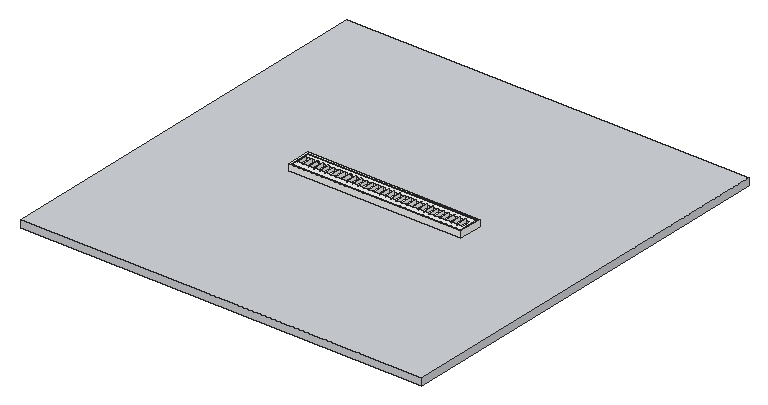
Revit family "Thorn PUNCH 3", category Lighting Fixtures, host Face, Revit 2016
Family settings
  Host = Face
  Part Type = Normal
  Round Connector Dimension = Use Diameter
  OmniClass Number = 23.80.70.11
  OmniClass Title = Luminaries for Internal Lighting
  Cut with Voids When Loaded = No
  Light Source = Yes
  Shared = No
  Room Calculation Point = No
Parameters (values of type "PUNCH 3 4000 L1200")
  Width = 162 mm  # constant formula
  Wattage Comments = ""
  Wattage = 26.9284 W
  built-in parameter 1150110 = 1 (stored number, unit not read)
  Voltage = 230 V
  URL = "http://www.thornlighting.com/96630507"
  Type Comments = "© Thorn. We reserve the right to make technical changes without prior notice."  # constant formula
  built-in parameter 1114217 = 1 (stored number, unit not read)
  Tilt Angle = -90.00°
  built-in parameter 1150109 = 1 (stored number, unit not read)
  built-in parameter 1150134 = 12
  Suspension Value [instance] = if(Surface Mount Viz, 44 mm, if(Suspension Height = 200 mm, 200 mm, if(Suspension Height < 200 mm, 200 mm, Suspension Height - 44 mm)))  # 44 mm
  Suspension Height [instance] = 500 mm
  Suspension [instance] = ZG_Metal_Light_Grey
  Surface Mount Viz [instance] = Surface Mount  # yes
  Surface Mount = yes
  built-in parameter 1150113 = 1 (stored number, unit not read)
  Show Suspension [instance] = not(Surface Mount)  # no
  Photometric Web File = "96630507_(STD).IES"
  Model = "96630507"
  Manufacturer = "Thorn Lighting"  # constant formula
  built-in parameter 1150105 = 2455.3 (stored number, unit not read)
  Lumens = 4000 lm
  built-in parameter 1150115 = 1 (stored number, unit not read)
  built-in parameter 1150137 = (empty or 0)
  built-in parameter 1150139 = (empty or 0)
  Length 1500 = no
  Length 1200 = yes
  Length = 1210 mm
  built-in parameter 1150112 = 1 (stored number, unit not read)
  built-in parameter 1150114 = 1 (stored number, unit not read)
  Lamp = "LED"  # constant formula
  built-in parameter 1150132 = 2
  built-in parameter 1150102 = (empty or 0)
  built-in parameter 1150107 = 4000 (stored number, unit not read)
  built-in parameter 1150138 = (empty or 0)
  built-in parameter 1150106 = 24.553 (stored number, unit not read)
  Height = 44 mm
  Emit from Rectangle Width = Length - 50 mm  # 1160 mm
  Emit from Rectangle Length = 75 mm  # constant formula
  Emit Shape Visible in Rendering = no
  built-in parameter 1150104 = 13.8 (stored number, unit not read)
  Dimming Lamp Color Temperature Shift = <None>
  Description = "Surface mount or pendant LED luminaire"
  Default Elevation = 0 mm
  Cover = ZG_PMMA_Opaque
  Color Filter = 16777215
  Body = ZG_Metal_White
  built-in parameter 1114218 = 1 (stored number, unit not read)
  built-in parameter 1150133 = 10 (stored number, unit not read)
  Assembly Code = "D5020200"
  Apparent Load = 35 VA
Types (6, lengths in mm): name | Wattage | URL | Suspension Value | Suspension Height | Surface Mount Viz | Surface Mount | Show Suspension | Photometric Web File | Model | built-in parameter 1150105 | Lumens | Length 1500 | Length 1200 | Length | built-in parameter 1150106 | Height | Emit from Rectangle Width | Apparent Load
  PUNCH 3 4000 L1200 | 26.9284 W | "http://www.thornlighting.com/96630507" | 44 | 500 | yes | yes | no | "96630507_(STD).IES" | "96630507" | 2455.3 (stored number, unit not read) | 4000 lm | no | yes | 1210 | 24.553 (stored number, unit not read) | 44 | 1160 | 35 VA
  PUNCH 3 6000 L1500 | 40.3926 W | "http://www.thornlighting.com/96667223" | 44 | 700 | yes | yes | no | "96667223_(STD).IES" | "96667223" | 477.46 (stored number, unit not read) | 6000 lm | yes | no | 1490 | 4.7746 (stored number, unit not read) | 44 | 1440 | 52 VA
  PUNCH 3 ASYM 2200 L1200 | 14.4673 W | "http://www.thornlighting.com/96630503" | 456 | 500 | no | no | yes | "96630503_(STD).IES" | "96630503" | 1319.1 (stored number, unit not read) | 2149 lm | no | yes | 1180 | 13.191 (stored number, unit not read) | 50 | 1130 | 16 VA
  PUNCH 3 D 4000 L1200 | 26.9284 W | "http://www.thornlighting.com/96667211" | 456 | 500 | no | no | yes | "96667211_(STD).IES" | "96667211" | 318.31 (stored number, unit not read) | 4000 lm | no | yes | 1202 | 3.1831 (stored number, unit not read) | 50 | 1152 | 35 VA
  PUNCH 3 DI 5500 L1200 | 36.9189 W | "http://www.thornlighting.com/96630505" | 456 | 500 | no | no | yes | "96630505_(STD).IES" | "96630505" | 3366.2 (stored number, unit not read) | 5484 lm | no | yes | 1202 | 33.662 (stored number, unit not read) | 50 | 1152 | 46 VA
  PUNCH 3 DI 6600 L1500 | 44.2972 W | "http://www.thornlighting.com/96667218" | 456 | 500 | no | no | yes | "96667218_(STD).IES" | "96667218" | 2765.9 (stored number, unit not read) | 6580 lm | yes | no | 1482 | 27.659 (stored number, unit not read) | 50 | 1432 | 52 VA
Reference planes
  plane 1 "Center (Front/Back)": y = 0
  plane 2 "Top": z = 0
  plane 3 "Center (Left/Right)": x = 399.5
  plane 4 "Left": x = -205.5
  plane 5 "Right": x = 1004.5
  plane 6 "Bottom": z = 44
  plane 7 "Suspension Left": x = -5.5
  plane 8 "Suspension Right": x = 804.5
  plane 9: y = 81
  plane 10: y = -81
  plane 11 "Top Body": z = 0
Forms (mm)
  Extrusion 1, solid
    sketch origin (0, 0, 0) x (1, 0, 0) y (0, 1, 0)
      loop
        line (-1010.5, 1431.145) -> (-1010.5, -1431.145) -> (1809.5, -1431.145) -> (1809.5, 1431.145) -> (-1010.5, 1431.145)
    from 0 to -52.502
  Extrusion 2, solid, material "ZG_Metal_Light_Grey" <- "Suspension", visible <- "Show Suspension", detail levels medium+fine
    sketch origin (1409.34, -475.958, 0) x (0, -1, 0) y (1, 0, 0)
      loop
        circle (-475.958, -1414.84) r 25
      loop
        circle (-475.958, -1414.84) r 1.5
    from 0 to 15
  Extrusion 3, solid, material "ZG_Metal_Light_Grey" <- "Suspension", visible <- "Show Suspension", detail levels medium+fine
    sketch origin (1409.34, -415.958, 0) x (0, -1, 0) y (1, 0, 0)
      loop
        circle (-415.958, -604.84) r 13
      loop
        circle (-415.958, -604.84) r 1.5
    from 0 to 13
  Extrusion 4, solid, material "ZG_Metal_White" <- "Body"
    sketch origin (0, 0, 44) x (-1, 0, 0) y (0, -1, 0)
      loop
        line (205.5, -81) -> (205.5, 81) -> (-1004.5, 81) -> (-1004.5, -81) -> (205.5, -81)
      loop
        line (193, -68.5) -> (193, 68.5) -> (-992, 68.5) -> (-992, -68.5) -> (193, -68.5)
    from 0 to -44
  Extrusion 5, solid, material "ZG_Metal_White" <- "Body"
    sketch origin (0, 0, 44) x (-1, 0, 0) y (0, -1, 0)
      loop
        line (193, -68.5) -> (193, 68.5) -> (-992, 68.5) -> (-992, -68.5) -> (193, -68.5)
      loop
        line (180.5, -37.5) -> (180.5, 37.5) -> (-979.5, 37.5) -> (-979.5, -37.5) -> (180.5, -37.5)
    from 0 to -44
  Extrusion 6, solid, material "ZG_Metal_White" <- "Body"
    sketch origin (0, 0, 44) x (-1, 0, 0) y (0, -1, 0)
      loop
        line (180.5, -37.5) -> (180.5, 37.5) -> (-979.5, 37.5) -> (-979.5, -37.5) -> (180.5, -37.5)
    from -44 to -22
  Extrusion 7, solid, material "ZG_Metal_White" <- "Body", visible <- "Show Suspension"
    sketch origin (0, 0, 0) x (-1, 0, 0) y (0, -1, 0)
      loop
        line (178, -53.5) -> (178, 53.5) -> (-977, 53.5) -> (-977, -53.5) -> (178, -53.5)
    from 0 to -6
  Sweep 8, solid, material "ZG_PMMA_Opaque" <- "Cover", visible <- "Length 1500"
    path origin (0, 0, 0) x (-1, 0, 0) y (0, -1, 0)
      loop
        line (-399.5, 37.5) -> (-399.5, -37.5)
    profile "Cover 1510 : Cover 1510" origin (399.5, 0, 0) x (-1, 0, 0) y (0, 0, 1)
      loop
        line (39.842, 22) -> (39.842, 44) -> (36.842, 44) -> (36.842, 22) -> (39.842, 22)
      loop
        line (78.184, 22) -> (78.184, 44) -> (75.184, 44) -> (75.184, 22) -> (78.184, 22)
      loop
        line (116.526, 22) -> (116.526, 44) -> (113.526, 44) -> (113.526, 22) -> (116.526, 22)
      loop
        line (154.868, 22) -> (154.868, 44) -> (151.868, 44) -> (151.868, 22) -> (154.868, 22)
      loop
        line (193.211, 22) -> (193.211, 44) -> (190.211, 44) -> (190.211, 22) -> (193.211, 22)
      loop
        line (231.553, 22) -> (231.553, 44) -> (228.553, 44) -> (228.553, 22) -> (231.553, 22)
      loop
        line (269.895, 22) -> (269.895, 44) -> (266.895, 44) -> (266.895, 22) -> (269.895, 22)
      loop
        line (308.237, 22) -> (308.237, 44) -> (305.237, 44) -> (305.237, 22) -> (308.237, 22)
      loop
        line (346.579, 22) -> (346.579, 44) -> (343.579, 44) -> (343.579, 22) -> (346.579, 22)
      loop
        line (384.921, 22) -> (384.921, 44) -> (381.921, 44) -> (381.921, 22) -> (384.921, 22)
      loop
        line (423.263, 22) -> (423.263, 44) -> (420.263, 44) -> (420.263, 22) -> (423.263, 22)
      loop
        line (461.605, 22) -> (461.605, 44) -> (458.605, 44) -> (458.605, 22) -> (461.605, 22)
      loop
        line (499.947, 22) -> (499.947, 44) -> (496.947, 44) -> (496.947, 22) -> (499.947, 22)
      loop
        line (538.289, 22) -> (538.289, 44) -> (535.289, 44) -> (535.289, 22) -> (538.289, 22)
      loop
        line (576.632, 22) -> (576.632, 44) -> (573.632, 44) -> (573.632, 22) -> (576.632, 22)
      loop
        line (614.974, 22) -> (614.974, 44) -> (611.974, 44) -> (611.974, 22) -> (614.974, 22)
      loop
        line (653.316, 22) -> (653.316, 44) -> (650.316, 44) -> (650.316, 22) -> (653.316, 22)
      loop
        line (691.658, 22) -> (691.658, 44) -> (688.658, 44) -> (688.658, 22) -> (691.658, 22)
      loop
        line (-39.842, 22) -> (-36.842, 22) -> (-36.842, 44) -> (-39.842, 44) -> (-39.842, 22)
      loop
        line (-78.184, 22) -> (-75.184, 22) -> (-75.184, 44) -> (-78.184, 44) -> (-78.184, 22)
      loop
        line (-116.526, 22) -> (-113.526, 22) -> (-113.526, 44) -> (-116.526, 44) -> (-116.526, 22)
      loop
        line (-154.868, 22) -> (-151.868, 22) -> (-151.868, 44) -> (-154.868, 44) -> (-154.868, 22)
      loop
        line (-193.211, 22) -> (-190.211, 22) -> (-190.211, 44) -> (-193.211, 44) -> (-193.211, 22)
      loop
        line (-231.553, 22) -> (-228.553, 22) -> (-228.553, 44) -> (-231.553, 44) -> (-231.553, 22)
      loop
        line (-269.895, 22) -> (-266.895, 22) -> (-266.895, 44) -> (-269.895, 44) -> (-269.895, 22)
      loop
        line (-308.237, 22) -> (-305.237, 22) -> (-305.237, 44) -> (-308.237, 44) -> (-308.237, 22)
      loop
        line (-346.579, 22) -> (-343.579, 22) -> (-343.579, 44) -> (-346.579, 44) -> (-346.579, 22)
      loop
        line (-384.921, 22) -> (-381.921, 22) -> (-381.921, 44) -> (-384.921, 44) -> (-384.921, 22)
      loop
        line (-423.263, 22) -> (-420.263, 22) -> (-420.263, 44) -> (-423.263, 44) -> (-423.263, 22)
      loop
        line (-461.605, 22) -> (-458.605, 22) -> (-458.605, 44) -> (-461.605, 44) -> (-461.605, 22)
      loop
        line (-499.947, 22) -> (-496.947, 22) -> (-496.947, 44) -> (-499.947, 44) -> (-499.947, 22)
      loop
        line (-538.289, 22) -> (-535.289, 22) -> (-535.289, 44) -> (-538.289, 44) -> (-538.289, 22)
      loop
        line (-576.632, 22) -> (-573.632, 22) -> (-573.632, 44) -> (-576.632, 44) -> (-576.632, 22)
      loop
        line (-614.974, 22) -> (-611.974, 22) -> (-611.974, 44) -> (-614.974, 44) -> (-614.974, 22)
      loop
        line (-653.316, 22) -> (-650.316, 22) -> (-650.316, 44) -> (-653.316, 44) -> (-653.316, 22)
      loop
        line (-691.658, 22) -> (-688.658, 22) -> (-688.658, 44) -> (-691.658, 44) -> (-691.658, 22)
      loop
        line (-1.5, 22) -> (1.5, 22) -> (1.5, 44) -> (-1.5, 44) -> (-1.5, 22)
  Sweep 9, solid, material "ZG_PMMA_Opaque" <- "Cover", visible <- "Length 1200"
    path origin (0, 0, 0) x (-1, 0, 0) y (0, -1, 0)
      loop
        line (-399.5, 37.5) -> (-399.5, -37.5)
    profile "Cover 1210 : Cover 1210" origin (399.5, 0, 0) x (-1, 0, 0) y (0, 0, 1)
      loop
        line (40.067, 22) -> (40.067, 44) -> (37.067, 44) -> (37.067, 22) -> (40.067, 22)
      loop
        line (78.633, 22) -> (78.633, 44) -> (75.633, 44) -> (75.633, 22) -> (78.633, 22)
      loop
        line (117.2, 22) -> (117.2, 44) -> (114.2, 44) -> (114.2, 22) -> (117.2, 22)
      loop
        line (155.767, 22) -> (155.767, 44) -> (152.767, 44) -> (152.767, 22) -> (155.767, 22)
      loop
        line (194.333, 22) -> (194.333, 44) -> (191.333, 44) -> (191.333, 22) -> (194.333, 22)
      loop
        line (232.9, 22) -> (232.9, 44) -> (229.9, 44) -> (229.9, 22) -> (232.9, 22)
      loop
        line (271.467, 22) -> (271.467, 44) -> (268.467, 44) -> (268.467, 22) -> (271.467, 22)
      loop
        line (310.033, 22) -> (310.033, 44) -> (307.033, 44) -> (307.033, 22) -> (310.033, 22)
      loop
        line (348.6, 22) -> (348.6, 44) -> (345.6, 44) -> (345.6, 22) -> (348.6, 22)
      loop
        line (387.167, 22) -> (387.167, 44) -> (384.167, 44) -> (384.167, 22) -> (387.167, 22)
      loop
        line (425.733, 22) -> (425.733, 44) -> (422.733, 44) -> (422.733, 22) -> (425.733, 22)
      loop
        line (464.3, 22) -> (464.3, 44) -> (461.3, 44) -> (461.3, 22) -> (464.3, 22)
      loop
        line (502.867, 22) -> (502.867, 44) -> (499.867, 44) -> (499.867, 22) -> (502.867, 22)
      loop
        line (541.433, 22) -> (541.433, 44) -> (538.433, 44) -> (538.433, 22) -> (541.433, 22)
      loop
        line (-40.067, 22) -> (-37.067, 22) -> (-37.067, 44) -> (-40.067, 44) -> (-40.067, 22)
      loop
        line (-78.633, 22) -> (-75.633, 22) -> (-75.633, 44) -> (-78.633, 44) -> (-78.633, 22)
      loop
        line (-117.2, 22) -> (-114.2, 22) -> (-114.2, 44) -> (-117.2, 44) -> (-117.2, 22)
      loop
        line (-155.767, 22) -> (-152.767, 22) -> (-152.767, 44) -> (-155.767, 44) -> (-155.767, 22)
      loop
        line (-194.333, 22) -> (-191.333, 22) -> (-191.333, 44) -> (-194.333, 44) -> (-194.333, 22)
      loop
        line (-232.9, 22) -> (-229.9, 22) -> (-229.9, 44) -> (-232.9, 44) -> (-232.9, 22)
      loop
        line (-271.467, 22) -> (-268.467, 22) -> (-268.467, 44) -> (-271.467, 44) -> (-271.467, 22)
      loop
        line (-310.033, 22) -> (-307.033, 22) -> (-307.033, 44) -> (-310.033, 44) -> (-310.033, 22)
      loop
        line (-348.6, 22) -> (-345.6, 22) -> (-345.6, 44) -> (-348.6, 44) -> (-348.6, 22)
      loop
        line (-387.167, 22) -> (-384.167, 22) -> (-384.167, 44) -> (-387.167, 44) -> (-387.167, 22)
      loop
        line (-425.733, 22) -> (-422.733, 22) -> (-422.733, 44) -> (-425.733, 44) -> (-425.733, 22)
      loop
        line (-464.3, 22) -> (-461.3, 22) -> (-461.3, 44) -> (-464.3, 44) -> (-464.3, 22)
      loop
        line (-502.867, 22) -> (-499.867, 22) -> (-499.867, 44) -> (-502.867, 44) -> (-502.867, 22)
      loop
        line (-541.433, 22) -> (-538.433, 22) -> (-538.433, 44) -> (-541.433, 44) -> (-541.433, 22)
      loop
        line (-1.5, 22) -> (1.5, 22) -> (1.5, 44) -> (-1.5, 44) -> (-1.5, 22)
Cuts and joins
  joined: Extrusion 5, Extrusion 6
Dimensions and locks
  "Length": plane 4 "Left" to plane 5 "Right"
  equal spacing: plane 4 "Left", plane 3 "Center (Left/Right)", plane 5 "Right"
  "Suspension Value": plane 6 "Bottom" to plane 2 "Top"
  equal spacing: plane 10, plane 1 "Center (Front/Back)", plane 9
  locked: plane 6 "Bottom" to plane 11 "Top Body" at 44
  locked: plane 7 "Suspension Left" to plane 4 "Left" at 200
  locked: plane 8 "Suspension Right" to plane 5 "Right" at 200
  aligned and locked: Extrusion 1 to plane 2 "Top"
  aligned and locked: plane 6 "Bottom" to imposter light
  aligned and locked: plane 1 "Center (Front/Back)" to nested 1
  aligned and locked: nested 1 to plane 7 "Suspension Left"
  aligned and locked: nested 2 to plane 8 "Suspension Right"
  aligned and locked: imposter light to plane 1 "Center (Front/Back)"
  aligned and locked: plane 3 "Center (Left/Right)" to imposter light
  aligned and locked: plane 4 "Left" to Extrusion 4 sketch curve
  aligned and locked: plane 5 "Right" to Extrusion 4 sketch curve
  aligned and locked: Extrusion 4 to nested 1
  aligned and locked: Extrusion 5 to plane 11 "Top Body"
Automatic sketch dimensions
  Extrusion 1 sketch curve to Extrusion 1 sketch curve = 2820 mm
  Extrusion 1 sketch curve to Extrusion 1 sketch curve = 2862.29 mm
  Extrusion 2 sketch curve to Extrusion 2 sketch curve = 0 mm  (x2)
  plane 1 "Center (Front/Back)" to Extrusion 2 sketch curve = 0 mm
  Extrusion 2 sketch curve to plane 7 "Suspension Left" = 0 mm
  Extrusion 3 sketch curve to Extrusion 3 sketch curve = 0 mm  (x2)
  plane 1 "Center (Front/Back)" to Extrusion 3 sketch curve = 0 mm
  Extrusion 3 sketch curve to plane 8 "Suspension Right" = 0 mm
  Extrusion 4 sketch curve to plane 9 = 0 mm
  plane 10 to Extrusion 4 sketch curve = 0 mm
  plane 5 "Right" to Extrusion 4 sketch curve = 12.5 mm
  plane 4 "Left" to Extrusion 4 sketch curve = 12.5 mm
  Extrusion 4 sketch curve to plane 9 = 12.5 mm
  Extrusion 4 sketch curve to plane 10 = 12.5 mm
  plane 5 "Right" to Extrusion 5 sketch curve = 12.5 mm
  plane 5 "Right" to Extrusion 5 sketch curve = 25 mm
  plane 4 "Left" to Extrusion 5 sketch curve = 25 mm
  plane 4 "Left" to Extrusion 5 sketch curve = 12.5 mm
  Extrusion 5 sketch curve to plane 9 = 12.5 mm
  Extrusion 5 sketch curve to Extrusion 5 sketch curve = 31 mm
  plane 1 "Center (Front/Back)" to Extrusion 5 sketch curve = 37.5 mm
  Extrusion 5 sketch curve to plane 10 = 12.5 mm
  plane 5 "Right" to Extrusion 6 sketch curve = 25 mm
  plane 4 "Left" to Extrusion 6 sketch curve = 25 mm
  Extrusion 6 sketch curve to plane 1 "Center (Front/Back)" = 37.5 mm
  plane 1 "Center (Front/Back)" to Extrusion 6 sketch curve = 37.5 mm
  plane 5 "Right" to Extrusion 7 sketch curve = 27.5 mm
  plane 4 "Left" to Extrusion 7 sketch curve = 27.5 mm
  Extrusion 7 sketch curve to plane 9 = 27.5 mm
  Extrusion 7 sketch curve to plane 10 = 27.5 mm
  Sweep 8 sketch curve to plane 3 "Center (Left/Right)" = 0 mm
  Sweep 8 sketch curve to plane 1 "Center (Front/Back)" = 37.5 mm
  plane 1 "Center (Front/Back)" to Sweep 8 sketch curve = 37.5 mm
  Sweep 9 sketch curve to plane 3 "Center (Left/Right)" = 0 mm
  Sweep 9 sketch curve to plane 9 = 43.5 mm
  Sweep 9 sketch curve to Sweep 9 sketch curve = 75 mm
  radius of Extrusion 2 sketch curve = 25 mm
  radius of Extrusion 2 sketch curve = 1.5 mm
  radius of Extrusion 3 sketch curve = 13 mm
  radius of Extrusion 3 sketch curve = 1.5 mm
Nested families
  nested 1: "Suspension" at (-5.5, 0, 0), Suspension <- "Suspension", type "Suspension"
    with Suspension ZG_Metal_Light_Grey, Suspension Value -46 mm, Suspension Height 44 mm, Show Suspension no
  nested 2: "Suspension" at (804.5, 0, 0) x (-1, 0, 0) z (0, 0, 1), Suspension <- "Suspension", type "Suspension"
    with Suspension ZG_Metal_Light_Grey, Suspension Value -46 mm, Suspension Height 44 mm, Show Suspension no
Connectors
  electrical at (-5.5, 0, 0), driven by "Voltage", driven by "Apparent Load"
    settings: on Extrusion 2, index 1, voltage 230 V, apparent load 35 VA, apparent load phase1 0 VA, apparent load phase2 0 VA, apparent load phase3 0 VA, power factor 1, load classification "Lighting", number of poles 1, system type 30, power factor state 1, is connector primary yes, connector utility no, sub classification motor no, connector description "Power"
Definition of nested family "Suspension"
  Parameters (values of type "Suspension")
    Suspension Value = if(Suspension Height = 0 mm, 300 mm, if(Suspension Height < 200 mm, Suspension Height - 90 mm, Suspension Height - 48 mm))  # 452 mm
    Suspension Height = 500 mm
    Suspension [instance] = none
    Show Suspension = yes
  Reference planes
    plane 1 "Light Source Axis (F/B)": y = 0
    plane 2: z = 0
    plane 3 "Light Source Axis (L/R)": x = 0
    plane 4 "Light Source Elevation": z = 0
    plane 5: z = 456
    plane 6: z = 500
    plane 7: z = 431
    plane 8: z = 406
  Forms (mm)
    Extrusion 1, solid, material <- "Suspension", visible <- "Show Suspension"
      sketch origin (661.466, 0, 85) x (0, -1, 0) y (1, 0, 0)
        loop
          circle (0, -661.466) r 4
      from 321 to 346
    Extrusion 2, solid, material <- "Suspension", visible <- "Show Suspension"
      sketch origin (639.464, 0, 65) x (0, -1, 0) y (1, 0, 0)
        loop
          circle (0, -639.464) r 1.5
      from -65 to 341
    Extrusion 3, solid, material <- "Suspension"
      sketch origin (0, 0, 0) x (0, 1, 0) y (0, 0, 1)
        loop
          line (56.5, 456) -> (53.5, 456) -> (53.5, 447.243) -> (40.257, 434) -> (-40.257, 434) -> (-53.5, 447.243) -> (-53.5, 456) -> (-56.5, 456) -> (-56.5, 446) -> (-41.5, 431) -> (41.5, 431) -> (56.5, 446) -> (56.5, 456)
      from -10 to 10
  Dimensions and locks
    "Suspension Height": plane 4 "Light Source Elevation" to plane 6
    plane 6 to plane 5 to plane 7 to plane 8 = 44 mm locked, 25 mm locked, 25 mm locked
    aligned and locked: level to plane 2
    aligned and locked: plane 4 "Light Source Elevation" to Extrusion 2
    aligned and locked: Extrusion 1 to plane 8
    aligned and locked: plane 7 to Extrusion 1
    aligned and locked: plane 8 to Extrusion 2
  Automatic sketch dimensions
    plane 1 "Light Source Axis (F/B)" to Extrusion 1 sketch curve = 0 mm
    Extrusion 1 sketch curve to plane 3 "Light Source Axis (L/R)" = 0 mm
    plane 1 "Light Source Axis (F/B)" to Extrusion 2 sketch curve = 0 mm
    Extrusion 2 sketch curve to plane 3 "Light Source Axis (L/R)" = 0 mm
    Extrusion 3 sketch curve to Extrusion 3 sketch curve = 15 mm
    plane 5 to Extrusion 3 sketch curve = 0 mm
    Extrusion 3 sketch curve to Extrusion 3 sketch curve = 1.243 mm  (x4)
    Extrusion 3 sketch curve to Extrusion 3 sketch curve = 3 mm  (x3)
    Extrusion 3 sketch curve to plane 5 = 0 mm
    Extrusion 3 sketch curve to plane 5 = 8.757 mm  (x2)
    Extrusion 3 sketch curve to Extrusion 3 sketch curve = 13.243 mm  (x2)
    plane 1 "Light Source Axis (F/B)" to Extrusion 3 sketch curve = 40.257 mm
    Extrusion 3 sketch curve to plane 1 "Light Source Axis (F/B)" = 40.257 mm
    radius of Extrusion 1 sketch curve = 4 mm
    radius of Extrusion 2 sketch curve = 1.5 mm
